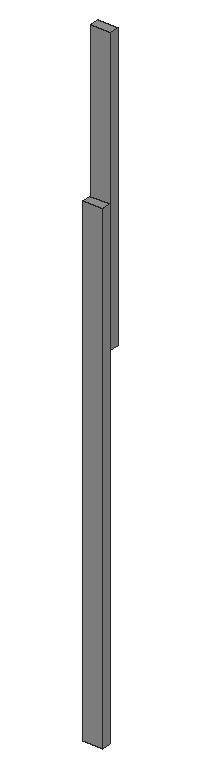
Revit family "STARC-REALWALL-T-PANEL-OUTSIDE", category Specialty Equipment, Revit 2014
Parameters (values of type "S1-OT-L")
  URL = "https://starcsystems.com/products/accessories/"
  Type Comments = "STARC SYSTEMS, INC REALWALL TEMPORARY CONTAINMENT SYSTEM OUTSIDE 'T', LEFT"
  Model = "S1-OT-L"
  Manufacturer = "STARC SYSTEMS, INC."  # constant formula
  ICRA Class = "IV"  # constant formula
  Description = "STARC SYSTEMS, INC REALWALL TEMPORARY CONTAINMENT SYSTEM OUTSIDE T"  # constant formula
  Copyright = "Copyright 2020 STARC Systems, Inc."  # constant formula
  Ceiling Height = 9' - 0"
  Height = if(Ceiling Height > 10' 3", 10' 3", (if(Ceiling Height < 6' 10", 6' 10", Ceiling Height)))  # 9' - 0"
  Assembly Code = "F1030900"
  ASTM Standard = "E-84 CLASS A"  # constant formula
Types (3): name | Type Comments | Model
  (no name) | "STARC SYSTEMS, INC REALWALL TEMPORARY CONTAINMENT SYSTEM OUTSIDE 'T', LEFT" | "S1-OT-L"
  S1-OT-L | "STARC SYSTEMS, INC REALWALL TEMPORARY CONTAINMENT SYSTEM OUTSIDE 'T', LEFT" | "S1-OT-L"
  S1-OT-R | "STARC SYSTEMS, INC REALWALL TEMPORARY CONTAINMENT SYSTEM OUTSIDE 'T', RIGHT" | "S1-OT-R"
Reference planes (in)
  plane 1 "Center (Base Panel)": y = 0
  plane 2: z = 0
  plane 3 "Center (Left/Right)": x = 0
  plane 4 "Center (Top Panel)": y = 1.78125
  plane 5 "Base Panel Front": y = -0.79687
  plane 6 "Base Panel Back": y = 0.79688
  plane 7 "Top Panel Fron": y = 0.98438
  plane 8 "Top Panel Back": y = 2.57813
  plane 9 "Ceiling Height": z = 108
  plane 10 "Base Panel Top": z = 82
  plane 11 "Base Top": z = 1.65625
  plane 12: z = 79.92188
  plane 13: z = 59.73438
  plane 14: z = 61.8125
  plane 15: z = 105.92188
  plane 16: y = 2.57813
  plane 17: z = 1.14062
  plane 18: x = 1.69291
  plane 19: x = -1.69291
Forms (in)
  Extrusion 1, solid, material "STARC-Frame"
    sketch origin (0, 0.79688, 0) x (1, 0, 0) y (0, 0, 1)
      loop
        line (-1.69291, 0) -> (1.69291, 0) -> (1.69291, 82) -> (-1.69291, 82) -> (-1.69291, 0)
    from 0 to 1.59375
  Extrusion 2, solid, material "STARC-Frame", detail levels medium+fine
    sketch origin (0, 2.57813, 0) x (1, 0, 0) y (0, 0, 1)
      loop
        line (-1.69291, 108) -> (-1.69291, 59.73438) -> (1.69291, 59.73438) -> (1.69291, 108) -> (-1.69291, 108)
    from 0 to 1.59375
Lines and regions (in)
  symbolic lines, style "SpecialityEquipmentHiddenLines"
    curve 1: line (-1.69291, 0.79688, 0) -> (-1.69291, 2.57813, 0)
    curve 2: line (-1.69291, 2.57813, 0) -> (1.69291, 2.57812, 0)
    curve 3: line (1.69291, 2.57812, 0) -> (1.69291, 0.79688, 0)
Dimensions and locks (in)
  plane 7 "Top Panel Fron" to plane 4 "Center (Top Panel)" to plane 8 "Top Panel Back" = 0' - 0 51/64" locked, 0' - 0 51/64" locked
  plane 5 "Base Panel Front" to plane 1 "Center (Base Panel)" to plane 6 "Base Panel Back" = 0' - 0 51/64" locked, 0' - 0 51/64" locked
  locked: plane 1 "Center (Base Panel)" to plane 4 "Center (Top Panel)" at 1.78125
  "Height": plane 9 "Ceiling Height" to level
  locked: plane 10 "Base Panel Top" to level at 82
  locked: plane 11 "Base Top" to level at 1.65625
  locked: plane 9 "Ceiling Height" to plane 13 at 48.26563
  locked: plane 9 "Ceiling Height" to plane 15 at 2.07812
  locked: plane 14 to plane 13 at 2.07812
  locked: plane 16 to plane 5 "Base Panel Front" at 3.375
  locked: plane 17 to level at 1.14062
  locked: plane 10 "Base Panel Top" to plane 12 at 2.07812
  plane 19 to plane 3 "Center (Left/Right)" to plane 18 = 0' - 1.69291" locked, 0' - 1.69291" locked
  aligned and locked: level to plane 2
  aligned and locked: Extrusion 1 sketch curve to plane 10 "Base Panel Top"
  aligned and locked: plane 5 "Base Panel Front" to Extrusion 1
  aligned and locked: Extrusion 2 sketch curve to plane 9 "Ceiling Height"
  aligned and locked: plane 13 to Extrusion 2 sketch curve
  aligned and locked: plane 7 "Top Panel Fron" to Extrusion 2
  aligned and locked: Extrusion 1 sketch curve to plane 19
  aligned and locked: Extrusion 1 sketch curve to plane 18
  aligned and locked: Extrusion 1 sketch curve to level
  aligned and locked: Extrusion 2 sketch curve to plane 18
  aligned and locked: Extrusion 2 sketch curve to plane 19
  aligned and locked: plane 6 "Base Panel Back" to curve 3
  aligned and locked: plane 6 "Base Panel Back" to curve 1
  aligned and locked: curve 1 to plane 19
  aligned and locked: curve 3 to plane 18
  aligned and locked: plane 16 to curve 2
